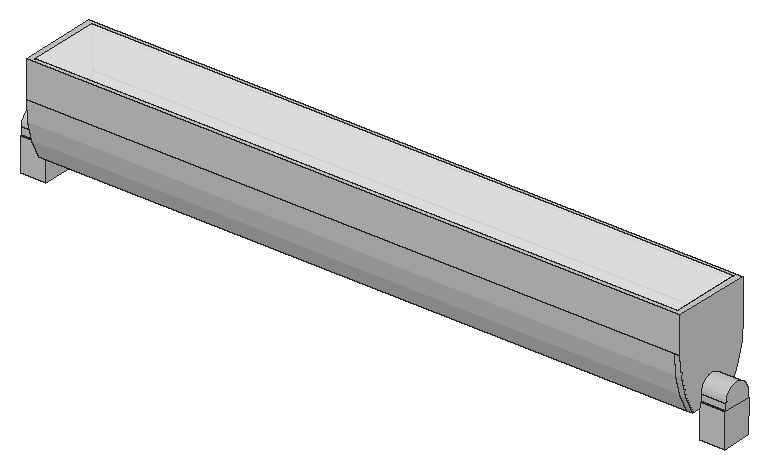
Revit family "Lighting-Surface-Amerlux-Producer_Wall Washer", category Lighting Fixtures, host Face, Revit 2015
Parameters
  Width = 0' - 2 7/8"
  Wattage = 9.2903 W
  built-in parameter 1150110 = 1 (stored number, unit not read)
  built-in parameter 1114217 = 1 (stored number, unit not read)
  Tilt Angle = 90.00°
  built-in parameter 1150109 = 1 (stored number, unit not read)
  built-in parameter 1150134 = 3
  Suspension Length [instance] = 0' - 1"
  built-in parameter 1150113 = 1 (stored number, unit not read)
  Photometric Web File = "generic"
  built-in parameter 1150142 = (empty or 0)
  built-in parameter 1150105 = 109.82 (stored number, unit not read)
  Lumens = 1380 lm
  built-in parameter 1150115 = 1 (stored number, unit not read)
  built-in parameter 1150137 = (empty or 0)
  built-in parameter 1150139 = (empty or 0)
  Length = 2' - 0"
  built-in parameter 1150112 = 1 (stored number, unit not read)
  built-in parameter 1150114 = 1 (stored number, unit not read)
  built-in parameter 1150132 = (empty or 0)
  built-in parameter 1150102 = (empty or 0)
  built-in parameter 1150107 = 3200 (stored number, unit not read)
  built-in parameter 1150138 = (empty or 0)
  built-in parameter 1150106 = 1.0982 (stored number, unit not read)
  Voltage = 0 V
  URL = "http://www.amerlux.com"
  Trim [instance] = yes
  Power Factor = 1
  Number of Poles = 1
  Model = "PROD"
  Manufacturer = "Amerlux"
  Lamp = "LED"
  Fixture Finish = White
  Emit from Line Length = 2' - 0"
  built-in parameter 1150104 = 13.8 (stored number, unit not read)
  Dimming Lamp Color Temperature Shift = <None>
  Description = "Linear LED"
  Default Elevation = 4' - 0"
  Color Filter = 16777215
  built-in parameter 1114218 = 1 (stored number, unit not read)
  built-in parameter 1150133 = 10 (stored number, unit not read)
  Apparent Load = 0 VA
Reference planes (in)
  plane 1 "Center (Front/Back)": y = 0
  plane 2: z = 0
  plane 3 "Center (Left/Right)": x = 0
  plane 4: z = -4.75
  plane 5: x = -12
  plane 6: x = 12
  plane 7: z = 26.3856
  plane 8: y = 1.4375
  plane 9: y = -1.4375
  plane 10: z = 1
Forms (in)
  Extrusion 1, solid, material "Natural Aluminum"
    sketch origin (0, 0, 0) x (0, 1, 0) y (0, 0, 1)
      loop
        line (1.4375, 4.48462) -> (1.29883, 4.48462) -> (1.29883, 2.98462)
        arc (1.29883, 2.98462) -> (1.19914, 2.10962) -> (0.90517, 1.27947) r 3.88974
        line (0.90517, 1.27947) -> (-0.90517, 1.27947)
        arc (-0.90517, 1.27947) -> (-1.19914, 2.10962) -> (-1.29883, 2.98462) r 3.88974
        line (-1.29883, 2.98462) -> (-1.29883, 4.48462) -> (-1.4375, 4.48462) -> (-1.4375, 3.13166)
        arc (-1.4375, 3.13166) -> (-1.29223, 2.02823) -> (-0.86632, 1) r 4.26331
        line (-0.86632, 1) -> (0.86632, 1)
        arc (0.86632, 1) -> (1.29223, 2.02823) -> (1.4375, 3.13166) r 4.26331
        line (1.4375, 3.13166) -> (1.4375, 4.48462)
    from -12 to 12
  Extrusion 2, solid, material "Natural Aluminum"
    sketch origin (0, 0, 0) x (0, 1, 0) y (0, 0, 1)
      loop
        line (1.4375, 3.13166) -> (1.4375, 4.48462) -> (-1.4375, 4.48462) -> (-1.4375, 3.13166)
        arc (-1.4375, 3.13166) -> (-1.29223, 2.02823) -> (-0.86632, 1) r 4.26331
        line (-0.86632, 1) -> (0.86632, 1)
        arc (0.86632, 1) -> (1.29223, 2.02823) -> (1.4375, 3.13166) r 4.26331
    from 11.79964 to 12
  Extrusion 3, solid, material "Natural Aluminum"
    sketch origin (0, 0, 0) x (0, 1, 0) y (0, 0, -1)
      loop
        arc (1.4375, -3.13166) -> (1.29223, -2.02823) -> (0.86632, -1) r 4.26331
        line (0.86632, -1) -> (-0.86632, -1)
        arc (-0.86632, -1) -> (-1.29223, -2.02823) -> (-1.4375, -3.13166) r 4.26331
        line (-1.4375, -3.13166) -> (-1.4375, -4.48462) -> (1.4375, -4.48462) -> (1.4375, -3.13166)
    from 11.79964 to 12
  Extrusion 4, solid, material "Lens"
    sketch origin (0, 0, 0) x (1, 0, 0) y (0, 1, 0)
      loop
        line (-11.79964, 1.29883) -> (-11.79964, -1.29883) -> (11.79964, -1.29883) -> (11.79964, 1.29883) -> (-11.79964, 1.29883)
    from 4.4084 to 4.48462
  Extrusion 5, solid, material "Natural Aluminum"
    sketch origin (0, 0, 0) x (0, 1, 0) y (0, 0, 1)
      loop
        line (0.5, 1.23416) -> (0.5, 1.48416)
        arc (0.5, 1.48416) -> (0, 1.98416) -> (-0.5, 1.48416) r 0.5
        line (-0.5, 1.48416) -> (-0.5, 1.23416) -> (0.5, 1.23416)
    from 12 to 12.93958
  Extrusion 6, solid, material "Natural Aluminum"
    sketch origin (0, 0, 0) x (0, 1, 0) y (0, 0, -1)
      loop
        line (0.5, -1.23416) -> (-0.5, -1.23416) -> (-0.5, -1.48416)
        arc (-0.5, -1.48416) -> (0, -1.98416) -> (0.5, -1.48416) r 0.5
        line (0.5, -1.48416) -> (0.5, -1.23416)
    from 12 to 12.93958
  Extrusion 7, solid, material "Natural Aluminum"
    sketch origin (0, 0, 0) x (0, 1, 0) y (0, 0, 1)
      loop
        line (0.51846, 1.23416) -> (-0.54709, 1.23416) -> (-0.54709, 0) -> (0.51846, 0) -> (0.51846, 1.23416)
    from 12 to 12.93958
  Extrusion 8, solid, material "Natural Aluminum"
    sketch origin (0, 0, 0) x (0, 1, 0) y (0, 0, -1)
      loop
        line (0.51846, -1.23416) -> (0.51846, 0) -> (-0.54709, 0) -> (-0.54709, -1.23416) -> (0.51846, -1.23416)
    from 12 to 12.93958
Cuts and joins
  joined: Extrusion 1, Extrusion 2, Extrusion 3
Dimensions and locks (in)
  equal spacing: plane 5, plane 3 "Center (Left/Right)", plane 6
  "Length": plane 5 to plane 6
  "Suspension Length": plane 10 to host face
  Extrusion 1 sketch curve to Extrusion 1 sketch curve to Extrusion 1 sketch curve to Extrusion 1 sketch curve to Extrusion 1 sketch curve = 0' - 0.27947" locked, 0' - 1.70515" locked, 0' - 0.14704" locked, 0' - 1.35296" locked
  equal spacing: Extrusion 1 sketch curve, Extrusion 1 sketch curve, Extrusion 1 sketch curve, Extrusion 1 sketch curve, Extrusion 1 sketch curve
  Extrusion 1 to Extrusion 2 sketch curve to Extrusion 2 sketch curve = 0' - 2.13166" locked, 0' - 1.35296" locked
  locked: Extrusion 2 to Extrusion 2 at 0.20036
  locked: Extrusion 3 sketch curve to Extrusion 3 sketch curve at 1.35296
  locked: Extrusion 3 to Extrusion 3 at 0.20036
  locked: Extrusion 4 to cut or joined group of Extrusion 1, Extrusion 2, Extrusion 3 at 0.07622
  locked: Extrusion 5 to cut or joined group of Extrusion 1, Extrusion 2, Extrusion 3 at 0.93958
  locked: Extrusion 6 to cut or joined group of Extrusion 1, Extrusion 2, Extrusion 3 at 0.93958
  aligned and locked: plane 2 to host face
  aligned and locked: level to host face
  aligned and locked: plane 10 to Extrusion 1
  aligned and locked: Extrusion 1 to plane 6
  aligned and locked: Extrusion 1 to Extrusion 2
  aligned and locked: plane 5 to Extrusion 3
  aligned and locked: plane 5 to Extrusion 1
  aligned and locked: Extrusion 4 sketch curve to cut or joined group of Extrusion 1, Extrusion 2, Extrusion 3  (x4)
  aligned and locked: cut or joined group of Extrusion 1, Extrusion 2, Extrusion 3 to Extrusion 4
  aligned and locked: imposter light to cut or joined group of Extrusion 1, Extrusion 2, Extrusion 3
  aligned and locked: plane 6 to Extrusion 5
  aligned and locked: Extrusion 6 to cut or joined group of Extrusion 1, Extrusion 2, Extrusion 3
  aligned and locked: Extrusion 7 to Extrusion 5  (x2)
  aligned and locked: plane 6 to Extrusion 7
  aligned and locked: Extrusion 8 to plane 5
  aligned and locked: Extrusion 8 to Extrusion 6
Automatic sketch dimensions
  host sketch curve to host sketch curve = 2' - 6.49556"
  host sketch curve to host sketch curve = 2' - 7.77944"
  Extrusion 1 sketch curve to plane 9 = 0' - 0"
  Extrusion 1 sketch curve to plane 10 = 0' - 0"
  Extrusion 1 sketch curve to plane 8 = 0' - 0"
  plane 9 to Extrusion 1 sketch curve = 0' - 1.1534"
  Extrusion 1 sketch curve to Extrusion 1 sketch curve = 0' - 0.23491"  (x2)
  Extrusion 1 sketch curve to Extrusion 1 sketch curve = 0' - 0.13867"
  plane 1 "Center (Front/Back)" to Extrusion 1 sketch curve = 0' - 0.90517"
  Extrusion 1 sketch curve to Extrusion 1 sketch curve = 0' - 0.03885"  (x2)
  Extrusion 1 sketch curve to plane 8 = 0' - 1.1534"
  Extrusion 1 sketch curve to Extrusion 1 sketch curve = 0' - 1.35296"
  Extrusion 2 sketch curve to plane 9 = 0' - 0"
  Extrusion 2 sketch curve to plane 10 = 0' - 0"
  Extrusion 2 sketch curve to plane 8 = 0' - 0"
  plane 9 to Extrusion 2 sketch curve = 0' - 1.38831"
  plane 1 "Center (Front/Back)" to Extrusion 2 sketch curve = 0' - 0.86632"
  Extrusion 2 sketch curve to plane 1 "Center (Front/Back)" = 0' - 0.86632"
  Extrusion 3 sketch curve to plane 9 = 0' - 0"
  Extrusion 3 sketch curve to plane 10 = 0' - 0"
  Extrusion 3 sketch curve to plane 8 = 0' - 0"
  plane 9 to Extrusion 3 sketch curve = 0' - 1.38831"
  plane 1 "Center (Front/Back)" to Extrusion 3 sketch curve = 0' - 0.86632"
  Extrusion 3 sketch curve to plane 1 "Center (Front/Back)" = 0' - 0.86632"
  Extrusion 3 sketch curve to plane 8 = 0' - 1.38831"
  Extrusion 5 sketch curve to plane 1 "Center (Front/Back)" = 0' - 0"
  plane 10 to Extrusion 5 sketch curve = 0' - 0.23416"
  plane 1 "Center (Front/Back)" to Extrusion 5 sketch curve = 0' - 0 1/2"
  Extrusion 5 sketch curve to Extrusion 5 sketch curve = 0' - 0 1/4"
  Extrusion 6 sketch curve to plane 1 "Center (Front/Back)" = 0' - 0"
  plane 10 to Extrusion 6 sketch curve = 0' - 0.23416"
  plane 1 "Center (Front/Back)" to Extrusion 6 sketch curve = 0' - 0 1/2"
  plane 10 to Extrusion 6 sketch curve = 0' - 0.48416"
  Extrusion 7 sketch curve to level = 0' - 0"
  plane 10 to Extrusion 7 sketch curve = 0' - 0.23416"
  plane 1 "Center (Front/Back)" to Extrusion 7 sketch curve = 0' - 0.54709"
  Extrusion 7 sketch curve to plane 1 "Center (Front/Back)" = 0' - 0.51846"
  Extrusion 8 sketch curve to level = 0' - 0"
  plane 10 to Extrusion 8 sketch curve = 0' - 0.23416"
  plane 1 "Center (Front/Back)" to Extrusion 8 sketch curve = 0' - 0.54709"
  Extrusion 8 sketch curve to plane 1 "Center (Front/Back)" = 0' - 0.51846"
Connectors (in)
  electrical at (12, 0, 2.87209), driven by "Number of Poles", driven by "Voltage", driven by "Power Factor"
    settings: on cut or joined group of Extrusion 1, Extrusion 2, Extrusion 3, index 1, voltage 0 V, apparent load 0 VA, apparent load phase1 0 VA, apparent load phase2 0 VA, apparent load phase3 0 VA, power factor 1, load classification "Other", number of poles 1, system type 31, power factor state 1, is connector primary yes, connector utility no, sub classification motor no, connector description ""
